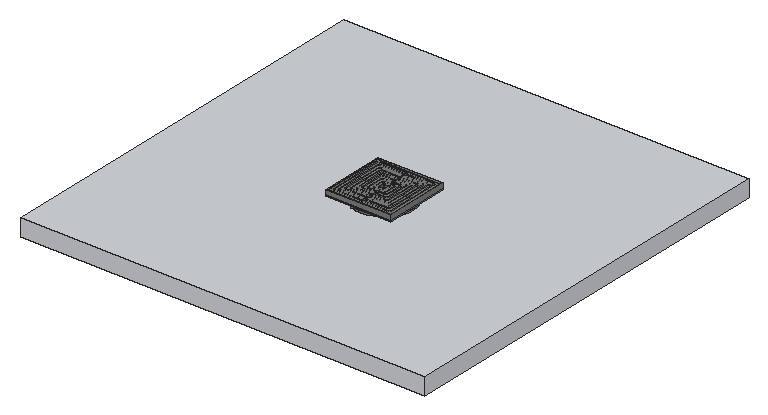
Revit family
Parameters (values of type "8"")
  Strainer Adjustment = 2.250"
  Roof Drain Material = Roof Drain
  Nominal Radius = 4.000"
  Nominal Diameter = Nominal Radius * 2  # 8.000"
  Model = "R1200-P"
  Manufacturer = "MIFAB"
  Keynote = "WWW.MIFAB.COM"
  Description = "ROOF DRAIN"
  Default Elevation = 48.000"
  Body Height = 5.875"
Types (7): name | Nominal Radius | Nominal Diameter | Body Height
  (no name) | 4.000" | 8.000" | 5.875"
  2" | 1.000" | 2.000" | 5.437"
  3" | 1.500" | 3.000" | 5.437"
  4" | 2.000" | 4.000" | 5.437"
  5" | 2.500" | 5.000" | 5.437"
  6" | 3.000" | 6.000" | 5.875"
  8" | 4.000" | 8.000" | 5.875"
Reference planes (in)
  plane 1 "Center (Front/Back)": y = 0
  plane 2: z = 0
  plane 3 "Center (Left/Right)": x = 0
  plane 4: x = -7.75
  plane 5: x = 7.75
  plane 6: y = -7.75
  plane 7: y = 7.75
  plane 8: z = -5.875
  plane 9: x = -4
  plane 10: x = 4
  plane 11: z = 0.34444
  plane 12: z = 0.55111
  plane 13: z = 0.7873
  plane 14: z = 0.29524
  plane 15: z = 2.54524
  plane 16: z = 1.3646
  plane 17: y = 7.504
  plane 18: y = -7.504
  plane 19: x = 7.504
  plane 20: x = -7.504
Forms (in)
  Extrusion 1, solid
    sketch origin (0, 0, 0) x (1, 0, 0) y (0, 1, 0)
      loop
        line (-48, 48) -> (-48, -48) -> (48, -48) -> (48, 48) -> (-48, 48)
    from 0 to -4
  Revolve 2, solid, material "Roof Drain" <- "Roof Drain Material"
    sketch origin (0, 0, 0) x (1, 0, 0) y (0, 0, 1)
      loop
        line (-4.14875, -4.38897) -> (-4.27086, 0) -> (-6.5746, 0) -> (-6.5746, -0.25587) -> (-5, -0.25587) -> (-4.98089, -0.88571) -> (-4.39161, -0.88571) -> (-4.28861, -4.64484) -> (-4.19683, -4.64484) -> (-4.19683, -5.875) -> (-4, -5.875) -> (-4, -4.38897) -> (-4.14875, -4.38897)
      axis (0, 0) -> (0, -5.875)
    angle from 0 to 360
  Revolve 3, solid, material "Roof Drain" <- "Roof Drain Material"
    sketch origin (0, 0, 0) x (1, 0, 0) y (0, 0, 1)
      loop
        line (-7.01746, 0.34444) -> (-7.01746, 0) -> (-4.62048, 0) -> (-4.62048, 0.34444) -> (-6.45651, 0.34444) -> (-6.45651, 0.55111) -> (-6.01365, 0.55111) -> (-6.01365, 0.7873) -> (-6.77143, 0.7873) -> (-6.77143, 0.34444) -> (-7.01746, 0.34444)
      axis (0, 0.7873) -> (0, 0)
    angle from 0 to 360
  Revolve 4, solid, material "Roof Drain" <- "Roof Drain Material"
    sketch origin (0, 0, 0) x (1, 0, 0) y (0, 0, 1)
      loop
        line (-3.62222, -3.14921) -> (-3.62222, 0.43869) -> (-4.40952, 0.43869) -> (-4.40952, 0.8005) -> (-6.91396, 1.3646) -> (-7.75, 1.3646) -> (-7.75, 1.16778) -> (-7.11032, 1.16778) -> (-4.77857, 0.65706) -> (-4.77857, 0.29524) -> (-4.06508, 0.29524) -> (-4.06508, -3.14921) -> (-3.62222, -3.14921)
      axis (0, 1.3646) -> (0, -3.14921)
    angle from 0 to 360
  Extrusion 5, solid, material "Roof Drain" <- "Roof Drain Material"
    sketch origin (-7.50397, -180, 1.3646) x (-1, 0, 0) y (0, -1, 0)
      loop
        line (0.24603, -187.75) -> (0.24603, -180)
        arc (0.24603, -180) -> (-2.02389, -185.48008) -> (-7.50397, -187.75) r 7.75
        line (-7.50397, -187.75) -> (0.24603, -187.75)
      loop
        line (-7.50397, -172.25) -> (-15.25397, -172.25) -> (-15.25397, -180)
        arc (-15.25397, -180) -> (-12.98405, -174.51992) -> (-7.50397, -172.25) r 7.75
    from 0 to -0.197
  Extrusion 6, solid, material "Roof Drain" <- "Roof Drain Material"
    sketch origin (-7.50397, -180, 1.3646) x (-1, 0, 0) y (0, -1, 0)
      loop
        line (0.24603, -180) -> (0.24603, -172.25) -> (-7.50397, -172.25)
        arc (-7.50397, -172.25) -> (-2.02389, -174.51992) -> (0.24603, -180) r 7.75
      loop
        arc (-7.50397, -187.75) -> (-12.98405, -185.48008) -> (-15.25397, -180) r 7.75
        line (-15.25397, -180) -> (-15.25397, -187.75) -> (-7.50397, -187.75)
    from 0 to -0.197
  Extrusion 7, solid, material "Roof Drain" <- "Roof Drain Material"
    sketch origin (0, 0, 0) x (1, 0, 0) y (0, 1, 0)
      loop
        line (-7.75, 7.75) -> (-7.75, -7.75) -> (7.75, -7.75) -> (7.75, 7.75) -> (-7.75, 7.75)
      loop
        line (-7.504, 7.504) -> (-7.504, -7.504) -> (7.504, -7.504) -> (7.504, 7.504) -> (-7.504, 7.504)
    from 1.3646 to 2.54524
  Extrusion 8, solid, material "Roof Drain" <- "Roof Drain Material"
    sketch origin (0, 0, 0) x (1, 0, 0) y (0, 1, 0)
      loop
        line (-7.504, 7.504) -> (-7.504, -7.504) -> (7.504, -7.504) -> (7.504, 7.504) -> (-7.504, 7.504)
      loop
        line (7.209, 7.209) -> (-7.209, 7.209) -> (-7.209, -7.209) -> (7.209, -7.209) -> (7.209, 7.209)
    from 1.3646 to 1.85667
Cuts and joins
  joined: Revolve 4, Extrusion 5, Extrusion 6
Lines and regions (in)
  symbolic lines
    curve 1: line (-7.75, 7.75, 0) -> (7.75, 7.75, 0)
    curve 2: line (-7.75, 7.75, 0) -> (-7.75, -7.75, 0)
    curve 3: line (-7.504, 7.504, 0) -> (-7.504, -7.504, 0)
    curve 4: line (-7.504, 7.504, 0) -> (7.504, 7.504, 0)
    curve 5: line (-7.75, -7.75, 0) -> (7.75, -7.75, 0)
    curve 6: line (-7.504, -7.504, 0) -> (7.504, -7.504, 0)
    curve 7: line (7.75, 7.75, 0) -> (7.75, -7.75, 0)
    curve 8: line (7.504, 7.504, 0) -> (7.504, -7.504, 0)
Dimensions and locks (in)
  plane 4 to plane 3 "Center (Left/Right)" to plane 5 = 7.750" locked, 7.750" locked
  plane 6 to plane 1 "Center (Front/Back)" to plane 7 = 7.750" locked, 7.750" locked
  equal spacing: plane 9, plane 3 "Center (Left/Right)", plane 10
  "Nominal Diameter": plane 9 to plane 10
  Revolve 2 sketch curve to Revolve 2 sketch curve to plane 8 = 0.25587" locked, 1.23016" locked
  plane 3 "Center (Left/Right)" to Revolve 2 sketch curve to Revolve 2 sketch curve to Revolve 2 sketch curve to Revolve 2 sketch curve to Revolve 2 sketch curve to Revolve 2 sketch curve to Revolve 2 sketch curve = 4.14875" locked, 0.12211" locked, 0.01775" locked, 0.103" locked, 0.58928" locked, 0.01911" locked, 1.5746" locked
  locked: plane 9 to Revolve 2 sketch curve at 0.19683
  plane 13 to plane 12 to plane 11 to level = 0.23619" locked, 0.20667" locked, 0.34444" locked
  plane 3 "Center (Left/Right)" to Revolve 3 sketch curve to Revolve 3 sketch curve to Revolve 3 sketch curve to Revolve 3 sketch curve to Revolve 3 sketch curve = 4.62048" locked, 1.39317" locked, 0.44286" locked, 0.31492" locked, 0.24603" locked
  locked: level to Revolve 4 sketch curve at 3.14921
  locked: plane 16 to Revolve 4 sketch curve at 0.19683
  plane 3 "Center (Left/Right)" to Revolve 4 sketch curve to Revolve 4 sketch curve to Revolve 4 sketch curve to Revolve 4 sketch curve = 3.62222" locked, 0.44286" locked, 0.34444" locked, 0.36905" locked
  Revolve 4 sketch curve to Revolve 4 sketch curve to plane 4 = 0.19635" locked, 0.63968" locked
  "Strainer Adjustment": plane 15 to plane 14
  locked: plane 15 to plane 16 at 1.18063
  locked: plane 14 to level at 0.29524
  locked: plane 7 to plane 17 at 0.246
  locked: plane 18 to plane 6 at 0.246
  locked: plane 4 to plane 20 at 0.246
  locked: plane 19 to plane 5 at 0.246
  locked: plane 15 to nested 1 at 0.68857
  locked: plane 17 to Extrusion 8 sketch curve at 0.295
  locked: plane 18 to Extrusion 8 sketch curve at 0.295
  locked: plane 20 to Extrusion 8 sketch curve at 0.295
  locked: Extrusion 8 sketch curve to plane 19 at 0.295
  "Body Height": level to plane 8
  aligned and locked: plane 2 to Extrusion 1
  aligned and locked: level to Extrusion 1
  aligned and locked: Revolve 2 sketch curve to level
  aligned and locked: plane 9 to Revolve 2 sketch curve
  aligned and locked: Revolve 2 sketch curve to plane 8
  aligned and locked: Revolve 2 sketch curve to plane 3 "Center (Left/Right)"
  aligned and locked: level to Revolve 3 sketch curve
  aligned and locked: Revolve 3 sketch curve to plane 11  (x2)
  aligned and locked: plane 12 to Revolve 3 sketch curve
  aligned and locked: Revolve 3 sketch curve to plane 13
  aligned and locked: Revolve 3 sketch curve to plane 3 "Center (Left/Right)"
  aligned and locked: Revolve 4 sketch curve to plane 14
  aligned and locked: Revolve 4 sketch curve to plane 3 "Center (Left/Right)"
  aligned and locked: plane 7 to Extrusion 5 sketch curve
  aligned and locked: Extrusion 5 sketch curve to plane 4
  aligned and locked: Extrusion 5 sketch curve to Revolve 4  (x2)
  aligned and locked: Extrusion 5 sketch curve to plane 6
  aligned: plane 16 to Extrusion 5
  aligned and locked: Extrusion 6 sketch curve to Revolve 4  (x2)
  aligned and locked: Extrusion 6 sketch curve to plane 6
  aligned and locked: plane 7 to Extrusion 6 sketch curve
  aligned and locked: plane 5 to Extrusion 6 sketch curve
  aligned and locked: plane 7 to Extrusion 7 sketch curve
  aligned and locked: Extrusion 7 sketch curve to plane 4
  aligned and locked: plane 20 to Extrusion 7 sketch curve
  aligned and locked: Extrusion 7 sketch curve to plane 17
  aligned and locked: Extrusion 7 sketch curve to plane 19
  aligned and locked: plane 5 to Extrusion 7 sketch curve
  aligned and locked: plane 18 to Extrusion 7 sketch curve
  aligned and locked: Extrusion 7 sketch curve to plane 6
  aligned and locked: Extrusion 7 to plane 16
  aligned and locked: plane 15 to Extrusion 7
  aligned and locked: plane 3 "Center (Left/Right)" to nested 1
  aligned and locked: plane 1 "Center (Front/Back)" to nested 1
  aligned and locked: plane 20 to Extrusion 8 sketch curve
  aligned and locked: Extrusion 8 sketch curve to plane 17
  aligned and locked: Extrusion 8 sketch curve to plane 19
  aligned and locked: plane 18 to Extrusion 8 sketch curve
  aligned and locked: Extrusion 8 to plane 16
  aligned and locked: Extrusion 8 to nested 1
  aligned and locked: plane 7 to curve 1
  aligned and locked: curve 2 to plane 4
  aligned and locked: plane 20 to curve 3
  aligned and locked: curve 4 to plane 17
  aligned and locked: curve 5 to plane 6
  aligned and locked: plane 18 to curve 6
  aligned and locked: plane 5 to curve 7
  aligned and locked: curve 8 to plane 19
Automatic sketch dimensions
  Extrusion 1 sketch curve to Extrusion 1 sketch curve = 96.000"  (x2)
  Revolve 2 sketch curve to level = 0.25587"
  Revolve 2 sketch curve to Revolve 2 sketch curve = 0.62984"
  Revolve 2 sketch curve to plane 8 = 18.48889"
  level to Revolve 2 sketch curve = 102.71882"
  Revolve 3 sketch curve to plane 8 = 18.48889"
  plane 13 to Revolve 3 sketch curve = 101.93152"
  Revolve 4 sketch curve to plane 4 = 0.000"
  Revolve 4 sketch curve to plane 16 = 0.000"
  plane 12 to Revolve 4 sketch curve = 0.10595"
  plane 11 to Revolve 4 sketch curve = 0.09424"
  plane 13 to Revolve 4 sketch curve = 0.0132"
  Revolve 4 sketch curve to plane 8 = 18.48889"
  plane 15 to Revolve 4 sketch curve = 99.96327"
  Extrusion 5 sketch curve to plane 3 "Center (Left/Right)" = 0.000"
  plane 1 "Center (Front/Back)" to Extrusion 5 sketch curve = 0.000"
  Extrusion 6 sketch curve to plane 3 "Center (Left/Right)" = 0.000"  (x2)
  Extrusion 6 sketch curve to plane 4 = 0.000"
  plane 1 "Center (Front/Back)" to Extrusion 6 sketch curve = 0.000"  (x2)
Nested families (in)
  nested 1: "Family4" at (0, 0, 1.85667), type "Family4"
Connectors (in)
  piping at (0, 0, -5.875), driven by "Nominal Radius"
    settings: on Revolve 2, index 1, connector radius 4", flow factor 0, pipe flow 0 GPM, pressure drop 0.00 psi, fitting loss kfactor 0, connector angle 0.00°, fixture units 0, flow configuration 0, flow direction 2, fitting loss method 0, system type 16, connector reference index -1, connector utility 0, adjustable connector no, is connector primary yes, fitting loss table "", connector description ""
Definition of nested family "Family4"
  Parameters (values of type "Family4")
    Thickness = 0.640"
    Material = none
    Assembly Code = ""
  Reference planes (in)
    plane 1 "Center (Front/Back)": y = 0
    plane 2: z = 0
    plane 3 "Center (Left/Right)": x = 0
    plane 4: y = 7.50391
    plane 5: y = -7.50391
    plane 6: x = 7.50391
    plane 7: x = -7.50391
  Forms (in)
    Extrusion 1, solid, material <- "Material"
      sketch origin (0, 0, 0) x (1, 0, 0) y (0, 1, 0)
        loop
          line (-7.50391, 7.50391) -> (-7.50391, -7.50391) -> (7.50391, -7.50391) -> (7.50391, 7.50391) -> (-7.50391, 7.50391)
        loop
          line (-0.875, -0.25) -> (-0.875, -0.57322) -> (-0.625, -0.57322) -> (-0.625, -0.875) -> (-0.30178, -0.875) -> (-0.30178, -0.625) -> (0.30178, -0.625) -> (0.30178, -0.875) -> (0.625, -0.875) -> (0.625, -0.57322) -> (0.875, -0.57322) -> (0.875, -0.25) -> (0.625, -0.25) -> (0.625, 0.25) -> (0.875, 0.25) -> (0.875, 0.57322) -> (0.625, 0.57322) -> (0.625, 0.875) -> (0.30178, 0.875) -> (0.30178, 0.625) -> (-0.30178, 0.625) -> (-0.30178, 0.875) -> (-0.625, 0.875) -> (-0.625, 0.57322) -> (-0.875, 0.57322) -> (-0.875, 0.25) -> (-0.625, 0.25) -> (-0.625, -0.25) -> (-0.875, -0.25)
        loop
          line (-2.125, -0.125) -> (-2.375, -0.125) -> (-2.375, -1.94822) -> (-2.125, -1.94822) -> (-2.125, -0.125)
        loop
          line (-2.875, -0.125) -> (-3.125, -0.125) -> (-3.125, -2.69822) -> (-2.875, -2.69822) -> (-2.875, -0.125)
        loop
          line (-3.625, -0.125) -> (-3.875, -0.125) -> (-3.875, -3.44822) -> (-3.625, -3.44822) -> (-3.625, -0.125)
        loop
          line (-4.375, -0.125) -> (-4.625, -0.125) -> (-4.625, -4.19822) -> (-4.375, -4.19822) -> (-4.375, -0.125)
        loop
          line (-5.125, -0.125) -> (-5.375, -0.125) -> (-5.375, -4.94822) -> (-5.125, -4.94822) -> (-5.125, -0.125)
        loop
          line (-5.875, -0.125) -> (-6.125, -0.125) -> (-6.125, -5.69822) -> (-5.875, -5.69822) -> (-5.875, -0.125)
        loop
          line (-6.625, -0.125) -> (-6.875, -0.125) -> (-6.875, -6.44822) -> (-6.625, -6.44822) -> (-6.625, -0.125)
        loop
          line (-1.375, -1.19822) -> (-1.375, 1.19822) -> (-1.625, 1.19822) -> (-1.625, -1.19822) -> (-1.375, -1.19822)
        loop
          line (1.19822, -1.375) -> (-1.19822, -1.375) -> (-1.19822, -1.625) -> (1.19822, -1.625) -> (1.19822, -1.375)
        loop
          line (-0.125, -2.125) -> (-1.94822, -2.125) -> (-1.94822, -2.375) -> (-0.125, -2.375) -> (-0.125, -2.125)
        loop
          line (-0.125, -2.875) -> (-2.69822, -2.875) -> (-2.69822, -3.125) -> (-0.125, -3.125) -> (-0.125, -2.875)
        loop
          line (-0.125, -3.625) -> (-3.44822, -3.625) -> (-3.44822, -3.875) -> (-0.125, -3.875) -> (-0.125, -3.625)
        loop
          line (-0.125, -4.375) -> (-4.19822, -4.375) -> (-4.19822, -4.625) -> (-0.125, -4.625) -> (-0.125, -4.375)
        loop
          line (-0.125, -5.125) -> (-4.94822, -5.125) -> (-4.94822, -5.375) -> (-0.125, -5.375) -> (-0.125, -5.125)
        loop
          line (-0.125, -5.875) -> (-5.69822, -5.875) -> (-5.69822, -6.125) -> (-0.125, -6.125) -> (-0.125, -5.875)
        loop
          line (-0.125, -6.625) -> (-6.44822, -6.625) -> (-6.44822, -6.875) -> (-0.125, -6.875) -> (-0.125, -6.625)
        loop
          line (2.125, -0.125) -> (2.125, -1.94822) -> (2.375, -1.94822) -> (2.375, -0.125) -> (2.125, -0.125)
        loop
          line (2.875, -0.125) -> (2.875, -2.69822) -> (3.125, -2.69822) -> (3.125, -0.125) -> (2.875, -0.125)
        loop
          line (3.625, -0.125) -> (3.625, -3.44822) -> (3.875, -3.44822) -> (3.875, -0.125) -> (3.625, -0.125)
        loop
          line (4.375, -0.125) -> (4.375, -4.19822) -> (4.625, -4.19822) -> (4.625, -0.125) -> (4.375, -0.125)
        loop
          line (5.125, -0.125) -> (5.125, -4.94822) -> (5.375, -4.94822) -> (5.375, -0.125) -> (5.125, -0.125)
        loop
          line (5.875, -0.125) -> (5.875, -5.69822) -> (6.125, -5.69822) -> (6.125, -0.125) -> (5.875, -0.125)
        loop
          line (6.625, -0.125) -> (6.625, -6.44822) -> (6.875, -6.44822) -> (6.875, -0.125) -> (6.625, -0.125)
        loop
          line (1.375, -1.19822) -> (1.625, -1.19822) -> (1.625, 1.19822) -> (1.375, 1.19822) -> (1.375, -1.19822)
        loop
          line (0.125, -2.125) -> (0.125, -2.375) -> (1.94822, -2.375) -> (1.94822, -2.125) -> (0.125, -2.125)
        loop
          line (0.125, -2.875) -> (0.125, -3.125) -> (2.69822, -3.125) -> (2.69822, -2.875) -> (0.125, -2.875)
        loop
          line (0.125, -3.625) -> (0.125, -3.875) -> (3.44822, -3.875) -> (3.44822, -3.625) -> (0.125, -3.625)
        loop
          line (0.125, -4.375) -> (0.125, -4.625) -> (4.19822, -4.625) -> (4.19822, -4.375) -> (0.125, -4.375)
        loop
          line (0.125, -5.125) -> (0.125, -5.375) -> (4.94822, -5.375) -> (4.94822, -5.125) -> (0.125, -5.125)
        loop
          line (0.125, -5.875) -> (0.125, -6.125) -> (5.69822, -6.125) -> (5.69822, -5.875) -> (0.125, -5.875)
        loop
          line (0.125, -6.625) -> (0.125, -6.875) -> (6.44822, -6.875) -> (6.44822, -6.625) -> (0.125, -6.625)
        loop
          line (-2.125, 0.125) -> (-2.125, 1.94822) -> (-2.375, 1.94822) -> (-2.375, 0.125) -> (-2.125, 0.125)
        loop
          line (-2.875, 0.125) -> (-2.875, 2.69822) -> (-3.125, 2.69822) -> (-3.125, 0.125) -> (-2.875, 0.125)
        loop
          line (-3.625, 0.125) -> (-3.625, 3.44822) -> (-3.875, 3.44822) -> (-3.875, 0.125) -> (-3.625, 0.125)
        loop
          line (-4.375, 0.125) -> (-4.375, 4.19822) -> (-4.625, 4.19822) -> (-4.625, 0.125) -> (-4.375, 0.125)
        loop
          line (-5.125, 0.125) -> (-5.125, 4.94822) -> (-5.375, 4.94822) -> (-5.375, 0.125) -> (-5.125, 0.125)
        loop
          line (-5.875, 0.125) -> (-5.875, 5.69822) -> (-6.125, 5.69822) -> (-6.125, 0.125) -> (-5.875, 0.125)
        loop
          line (-6.625, 0.125) -> (-6.625, 6.44822) -> (-6.875, 6.44822) -> (-6.875, 0.125) -> (-6.625, 0.125)
        loop
          line (1.19822, 1.375) -> (1.19822, 1.625) -> (-1.19822, 1.625) -> (-1.19822, 1.375) -> (1.19822, 1.375)
        loop
          line (-0.125, 2.125) -> (-0.125, 2.375) -> (-1.94822, 2.375) -> (-1.94822, 2.125) -> (-0.125, 2.125)
        loop
          line (-0.125, 2.875) -> (-0.125, 3.125) -> (-2.69822, 3.125) -> (-2.69822, 2.875) -> (-0.125, 2.875)
        loop
          line (-0.125, 3.625) -> (-0.125, 3.875) -> (-3.44822, 3.875) -> (-3.44822, 3.625) -> (-0.125, 3.625)
        loop
          line (-0.125, 4.375) -> (-0.125, 4.625) -> (-4.19822, 4.625) -> (-4.19822, 4.375) -> (-0.125, 4.375)
        loop
          line (-0.125, 5.125) -> (-0.125, 5.375) -> (-4.94822, 5.375) -> (-4.94822, 5.125) -> (-0.125, 5.125)
        loop
          line (-0.125, 5.875) -> (-0.125, 6.125) -> (-5.69822, 6.125) -> (-5.69822, 5.875) -> (-0.125, 5.875)
        loop
          line (-0.125, 6.625) -> (-0.125, 6.875) -> (-6.44822, 6.875) -> (-6.44822, 6.625) -> (-0.125, 6.625)
        loop
          line (2.125, 0.125) -> (2.375, 0.125) -> (2.375, 1.94822) -> (2.125, 1.94822) -> (2.125, 0.125)
        loop
          line (2.875, 0.125) -> (3.125, 0.125) -> (3.125, 2.69822) -> (2.875, 2.69822) -> (2.875, 0.125)
        loop
          line (3.625, 0.125) -> (3.875, 0.125) -> (3.875, 3.44822) -> (3.625, 3.44822) -> (3.625, 0.125)
        loop
          line (4.375, 0.125) -> (4.625, 0.125) -> (4.625, 4.19822) -> (4.375, 4.19822) -> (4.375, 0.125)
        loop
          line (5.125, 0.125) -> (5.375, 0.125) -> (5.375, 4.94822) -> (5.125, 4.94822) -> (5.125, 0.125)
        loop
          line (5.875, 0.125) -> (6.125, 0.125) -> (6.125, 5.69822) -> (5.875, 5.69822) -> (5.875, 0.125)
        loop
          line (6.625, 0.125) -> (6.875, 0.125) -> (6.875, 6.44822) -> (6.625, 6.44822) -> (6.625, 0.125)
        loop
          line (0.125, 2.125) -> (1.94822, 2.125) -> (1.94822, 2.375) -> (0.125, 2.375) -> (0.125, 2.125)
        loop
          line (0.125, 2.875) -> (2.69822, 2.875) -> (2.69822, 3.125) -> (0.125, 3.125) -> (0.125, 2.875)
        loop
          line (0.125, 3.625) -> (3.44822, 3.625) -> (3.44822, 3.875) -> (0.125, 3.875) -> (0.125, 3.625)
        loop
          line (0.125, 4.375) -> (4.19822, 4.375) -> (4.19822, 4.625) -> (0.125, 4.625) -> (0.125, 4.375)
        loop
          line (0.125, 5.125) -> (4.94822, 5.125) -> (4.94822, 5.375) -> (0.125, 5.375) -> (0.125, 5.125)
        loop
          line (0.125, 5.875) -> (5.69822, 5.875) -> (5.69822, 6.125) -> (0.125, 6.125) -> (0.125, 5.875)
        loop
          line (0.125, 6.625) -> (6.44822, 6.625) -> (6.44822, 6.875) -> (0.125, 6.875) -> (0.125, 6.625)
      from 0 to 0.64 <- "Thickness"
  Lines and regions (in)
    symbolic lines
      curve 1: line (-0.30178, 0.625, 0) -> (0.30178, 0.625, 0)
      curve 2: line (0.30178, 0.625, 0) -> (0.30178, 0.875, 0)
      curve 3: line (0.30178, 0.875, 0) -> (0.625, 0.875, 0)
      curve 4: line (0.625, 0.875, 0) -> (0.625, 0.57322, 0)
      curve 5: line (0.625, 0.57322, 0) -> (0.875, 0.57322, 0)
      curve 6: line (0.875, 0.57322, 0) -> (0.875, 0.25, 0)
      curve 7: line (0.875, 0.25, 0) -> (0.625, 0.25, 0)
      curve 8: line (0.625, 0.25, 0) -> (0.625, -0.25, 0)
      curve 9: line (0.625, -0.25, 0) -> (0.875, -0.25, 0)
      curve 10: line (0.875, -0.25, 0) -> (0.875, -0.57322, 0)
      curve 11: line (0.875, -0.57322, 0) -> (0.625, -0.57322, 0)
      curve 12: line (0.625, -0.57322, 0) -> (0.625, -0.875, 0)
      curve 13: line (0.625, -0.875, 0) -> (0.30178, -0.875, 0)
      curve 14: line (0.30178, -0.875, 0) -> (0.30178, -0.625, 0)
      curve 15: line (0.30178, -0.625, 0) -> (-0.30178, -0.625, 0)
      curve 16: line (-0.30178, -0.625, 0) -> (-0.30178, -0.875, 0)
      curve 17: line (-0.30178, -0.875, 0) -> (-0.625, -0.875, 0)
      curve 18: line (-0.625, -0.875, 0) -> (-0.625, -0.57322, 0)
      curve 19: line (-0.625, -0.57322, 0) -> (-0.875, -0.57322, 0)
      curve 20: line (-0.875, -0.57322, 0) -> (-0.875, -0.25, 0)
      curve 21: line (-0.875, -0.25, 0) -> (-0.625, -0.25, 0)
      curve 22: line (-0.625, -0.25, 0) -> (-0.625, 0.25, 0)
      curve 23: line (-0.625, 0.25, 0) -> (-0.875, 0.25, 0)
      curve 24: line (-0.875, 0.25, 0) -> (-0.875, 0.57322, 0)
      curve 25: line (-0.875, 0.57322, 0) -> (-0.625, 0.57322, 0)
      curve 26: line (-0.625, 0.57322, 0) -> (-0.625, 0.875, 0)
      curve 27: line (-0.625, 0.875, 0) -> (-0.30178, 0.875, 0)
      curve 28: line (-0.30178, 0.875, 0) -> (-0.30178, 0.625, 0)
      curve 29: line (1.19822, 1.375, 0) -> (-1.19822, 1.375, 0)
      curve 30: line (-1.19822, 1.375, 0) -> (-1.19822, 1.625, 0)
      curve 31: line (-1.19822, 1.625, 0) -> (1.19822, 1.625, 0)
      curve 32: line (1.19822, 1.625, 0) -> (1.19822, 1.375, 0)
      curve 33: line (1.94822, 2.125, 0) -> (0.125, 2.125, 0)
      curve 34: line (0.125, 2.125, 0) -> (0.125, 2.375, 0)
      curve 35: line (0.125, 2.375, 0) -> (1.94822, 2.375, 0)
      curve 36: line (1.94822, 2.375, 0) -> (1.94822, 2.125, 0)
      curve 37: line (0.125, 3.125, 0) -> (2.69822, 3.125, 0)
      curve 38: line (0.125, 2.875, 0) -> (0.125, 3.125, 0)
      curve 39: line (2.69822, 2.875, 0) -> (0.125, 2.875, 0)
      curve 40: line (2.69822, 3.125, 0) -> (2.69822, 2.875, 0)
      curve 41: line (3.44822, 3.625, 0) -> (0.125, 3.625, 0)
      curve 42: line (3.44822, 3.875, 0) -> (3.44822, 3.625, 0)
      curve 43: line (0.125, 3.875, 0) -> (3.44822, 3.875, 0)
      curve 44: line (0.125, 3.625, 0) -> (0.125, 3.875, 0)
      curve 45: line (0.125, 4.625, 0) -> (4.19822, 4.625, 0)
      curve 46: line (0.125, 4.375, 0) -> (0.125, 4.625, 0)
      curve 47: line (4.19822, 4.375, 0) -> (0.125, 4.375, 0)
      curve 48: line (4.19822, 4.625, 0) -> (4.19822, 4.375, 0)
      curve 49: line (0.125, 5.375, 0) -> (4.94822, 5.375, 0)
      curve 50: line (0.125, 5.125, 0) -> (0.125, 5.375, 0)
      curve 51: line (4.94822, 5.125, 0) -> (0.125, 5.125, 0)
      curve 52: line (4.94822, 5.375, 0) -> (4.94822, 5.125, 0)
      curve 53: line (5.69822, 5.875, 0) -> (0.125, 5.875, 0)
      curve 54: line (5.69822, 6.125, 0) -> (5.69822, 5.875, 0)
      curve 55: line (0.125, 6.125, 0) -> (5.69822, 6.125, 0)
      curve 56: line (0.125, 5.875, 0) -> (0.125, 6.125, 0)
      curve 57: line (0.125, 6.875, 0) -> (6.44822, 6.875, 0)
      curve 58: line (0.125, 6.625, 0) -> (0.125, 6.875, 0)
      curve 59: line (6.44822, 6.625, 0) -> (0.125, 6.625, 0)
      curve 60: line (6.44822, 6.875, 0) -> (6.44822, 6.625, 0)
      curve 61: line (1.375, 1.19822, 0) -> (1.375, -1.19822, 0)
      curve 62: line (1.375, -1.19822, 0) -> (1.625, -1.19822, 0)
      curve 63: line (1.625, -1.19822, 0) -> (1.625, 1.19822, 0)
      curve 64: line (1.625, 1.19822, 0) -> (1.375, 1.19822, 0)
      curve 65: line (2.125, 1.94822, 0) -> (2.125, 0.125, 0)
      curve 66: line (2.125, 0.125, 0) -> (2.375, 0.125, 0)
      curve 67: line (2.375, 0.125, 0) -> (2.375, 1.94822, 0)
      curve 68: line (2.375, 1.94822, 0) -> (2.125, 1.94822, 0)
      curve 69: line (3.125, 0.125, 0) -> (3.125, 2.69822, 0)
      curve 70: line (2.875, 0.125, 0) -> (3.125, 0.125, 0)
      curve 71: line (2.875, 2.69822, 0) -> (2.875, 0.125, 0)
      curve 72: line (3.125, 2.69822, 0) -> (2.875, 2.69822, 0)
      curve 73: line (3.625, 3.44822, 0) -> (3.625, 0.125, 0)
      curve 74: line (3.875, 3.44822, 0) -> (3.625, 3.44822, 0)
      curve 75: line (3.875, 0.125, 0) -> (3.875, 3.44822, 0)
      curve 76: line (3.625, 0.125, 0) -> (3.875, 0.125, 0)
      curve 77: line (4.625, 0.125, 0) -> (4.625, 4.19822, 0)
      curve 78: line (4.375, 0.125, 0) -> (4.625, 0.125, 0)
      curve 79: line (4.375, 4.19822, 0) -> (4.375, 0.125, 0)
      curve 80: line (4.625, 4.19822, 0) -> (4.375, 4.19822, 0)
      curve 81: line (5.375, 0.125, 0) -> (5.375, 4.94822, 0)
      curve 82: line (5.125, 0.125, 0) -> (5.375, 0.125, 0)
      curve 83: line (5.125, 4.94822, 0) -> (5.125, 0.125, 0)
      curve 84: line (5.375, 4.94822, 0) -> (5.125, 4.94822, 0)
      curve 85: line (5.875, 5.69822, 0) -> (5.875, 0.125, 0)
      curve 86: line (6.125, 5.69822, 0) -> (5.875, 5.69822, 0)
      curve 87: line (6.125, 0.125, 0) -> (6.125, 5.69822, 0)
      curve 88: line (5.875, 0.125, 0) -> (6.125, 0.125, 0)
      curve 89: line (6.875, 0.125, 0) -> (6.875, 6.44822, 0)
      curve 90: line (6.625, 0.125, 0) -> (6.875, 0.125, 0)
      curve 91: line (6.625, 6.44822, 0) -> (6.625, 0.125, 0)
      curve 92: line (6.875, 6.44822, 0) -> (6.625, 6.44822, 0)
      curve 93: line (1.94822, -2.125, 0) -> (0.125, -2.125, 0)
      curve 94: line (0.125, -2.125, 0) -> (0.125, -2.375, 0)
      curve 95: line (0.125, -2.375, 0) -> (1.94822, -2.375, 0)
      curve 96: line (1.94822, -2.375, 0) -> (1.94822, -2.125, 0)
      curve 97: line (0.125, -3.125, 0) -> (2.69822, -3.125, 0)
      curve 98: line (0.125, -2.875, 0) -> (0.125, -3.125, 0)
      curve 99: line (2.69822, -2.875, 0) -> (0.125, -2.875, 0)
      curve 100: line (2.69822, -3.125, 0) -> (2.69822, -2.875, 0)
      curve 101: line (3.44822, -3.625, 0) -> (0.125, -3.625, 0)
      curve 102: line (3.44822, -3.875, 0) -> (3.44822, -3.625, 0)
      curve 103: line (0.125, -3.875, 0) -> (3.44822, -3.875, 0)
      curve 104: line (0.125, -3.625, 0) -> (0.125, -3.875, 0)
      curve 105: line (0.125, -4.625, 0) -> (4.19822, -4.625, 0)
      curve 106: line (0.125, -4.375, 0) -> (0.125, -4.625, 0)
      curve 107: line (4.19822, -4.375, 0) -> (0.125, -4.375, 0)
      curve 108: line (4.19822, -4.625, 0) -> (4.19822, -4.375, 0)
      curve 109: line (0.125, -5.375, 0) -> (4.94822, -5.375, 0)
      curve 110: line (0.125, -5.125, 0) -> (0.125, -5.375, 0)
      curve 111: line (4.94822, -5.125, 0) -> (0.125, -5.125, 0)
      curve 112: line (4.94822, -5.375, 0) -> (4.94822, -5.125, 0)
      curve 113: line (5.69822, -5.875, 0) -> (0.125, -5.875, 0)
      curve 114: line (5.69822, -6.125, 0) -> (5.69822, -5.875, 0)
      curve 115: line (0.125, -6.125, 0) -> (5.69822, -6.125, 0)
      curve 116: line (0.125, -5.875, 0) -> (0.125, -6.125, 0)
      curve 117: line (0.125, -6.875, 0) -> (6.44822, -6.875, 0)
      curve 118: line (0.125, -6.625, 0) -> (0.125, -6.875, 0)
      curve 119: line (6.44822, -6.625, 0) -> (0.125, -6.625, 0)
      curve 120: line (6.44822, -6.875, 0) -> (6.44822, -6.625, 0)
      curve 121: line (2.125, -1.94822, 0) -> (2.125, -0.125, 0)
      curve 122: line (2.125, -0.125, 0) -> (2.375, -0.125, 0)
      curve 123: line (2.375, -0.125, 0) -> (2.375, -1.94822, 0)
      curve 124: line (2.375, -1.94822, 0) -> (2.125, -1.94822, 0)
      curve 125: line (3.125, -0.125, 0) -> (3.125, -2.69822, 0)
      curve 126: line (2.875, -0.125, 0) -> (3.125, -0.125, 0)
      curve 127: line (2.875, -2.69822, 0) -> (2.875, -0.125, 0)
      curve 128: line (3.125, -2.69822, 0) -> (2.875, -2.69822, 0)
      curve 129: line (3.625, -3.44822, 0) -> (3.625, -0.125, 0)
      curve 130: line (3.875, -3.44822, 0) -> (3.625, -3.44822, 0)
      curve 131: line (3.875, -0.125, 0) -> (3.875, -3.44822, 0)
      curve 132: line (3.625, -0.125, 0) -> (3.875, -0.125, 0)
      curve 133: line (4.625, -0.125, 0) -> (4.625, -4.19822, 0)
      curve 134: line (4.375, -0.125, 0) -> (4.625, -0.125, 0)
      curve 135: line (4.375, -4.19822, 0) -> (4.375, -0.125, 0)
      curve 136: line (4.625, -4.19822, 0) -> (4.375, -4.19822, 0)
      curve 137: line (5.375, -0.125, 0) -> (5.375, -4.94822, 0)
      curve 138: line (5.125, -0.125, 0) -> (5.375, -0.125, 0)
      curve 139: line (5.125, -4.94822, 0) -> (5.125, -0.125, 0)
      curve 140: line (5.375, -4.94822, 0) -> (5.125, -4.94822, 0)
      curve 141: line (5.875, -5.69822, 0) -> (5.875, -0.125, 0)
      curve 142: line (6.125, -5.69822, 0) -> (5.875, -5.69822, 0)
      curve 143: line (6.125, -0.125, 0) -> (6.125, -5.69822, 0)
      curve 144: line (5.875, -0.125, 0) -> (6.125, -0.125, 0)
      curve 145: line (6.875, -0.125, 0) -> (6.875, -6.44822, 0)
      curve 146: line (6.625, -0.125, 0) -> (6.875, -0.125, 0)
      curve 147: line (6.625, -6.44822, 0) -> (6.625, -0.125, 0)
      curve 148: line (6.875, -6.44822, 0) -> (6.625, -6.44822, 0)
      curve 149: line (-1.94822, -2.125, 0) -> (-0.125, -2.125, 0)
      curve 150: line (-0.125, -2.125, 0) -> (-0.125, -2.375, 0)
      curve 151: line (-0.125, -2.375, 0) -> (-1.94822, -2.375, 0)
      curve 152: line (-1.94822, -2.375, 0) -> (-1.94822, -2.125, 0)
      curve 153: line (-0.125, -3.125, 0) -> (-2.69822, -3.125, 0)
      curve 154: line (-0.125, -2.875, 0) -> (-0.125, -3.125, 0)
      curve 155: line (-2.69822, -2.875, 0) -> (-0.125, -2.875, 0)
      curve 156: line (-2.69822, -3.125, 0) -> (-2.69822, -2.875, 0)
      curve 157: line (-3.44822, -3.625, 0) -> (-0.125, -3.625, 0)
      curve 158: line (-3.44822, -3.875, 0) -> (-3.44822, -3.625, 0)
      curve 159: line (-0.125, -3.875, 0) -> (-3.44822, -3.875, 0)
      curve 160: line (-0.125, -3.625, 0) -> (-0.125, -3.875, 0)
      curve 161: line (-0.125, -4.625, 0) -> (-4.19822, -4.625, 0)
      curve 162: line (-0.125, -4.375, 0) -> (-0.125, -4.625, 0)
      curve 163: line (-4.19822, -4.375, 0) -> (-0.125, -4.375, 0)
      curve 164: line (-4.19822, -4.625, 0) -> (-4.19822, -4.375, 0)
      curve 165: line (-0.125, -5.375, 0) -> (-4.94822, -5.375, 0)
      curve 166: line (-0.125, -5.125, 0) -> (-0.125, -5.375, 0)
      curve 167: line (-4.94822, -5.125, 0) -> (-0.125, -5.125, 0)
      curve 168: line (-4.94822, -5.375, 0) -> (-4.94822, -5.125, 0)
      curve 169: line (-5.69822, -5.875, 0) -> (-0.125, -5.875, 0)
      curve 170: line (-5.69822, -6.125, 0) -> (-5.69822, -5.875, 0)
      curve 171: line (-0.125, -6.125, 0) -> (-5.69822, -6.125, 0)
      curve 172: line (-0.125, -5.875, 0) -> (-0.125, -6.125, 0)
      curve 173: line (-0.125, -6.875, 0) -> (-6.44822, -6.875, 0)
      curve 174: line (-0.125, -6.625, 0) -> (-0.125, -6.875, 0)
      curve 175: line (-6.44822, -6.625, 0) -> (-0.125, -6.625, 0)
      curve 176: line (-6.44822, -6.875, 0) -> (-6.44822, -6.625, 0)
      curve 177: line (-2.125, -1.94822, 0) -> (-2.125, -0.125, 0)
      curve 178: line (-2.125, -0.125, 0) -> (-2.375, -0.125, 0)
      curve 179: line (-2.375, -0.125, 0) -> (-2.375, -1.94822, 0)
      curve 180: line (-2.375, -1.94822, 0) -> (-2.125, -1.94822, 0)
      curve 181: line (-3.125, -0.125, 0) -> (-3.125, -2.69822, 0)
      curve 182: line (-2.875, -0.125, 0) -> (-3.125, -0.125, 0)
      curve 183: line (-2.875, -2.69822, 0) -> (-2.875, -0.125, 0)
      curve 184: line (-3.125, -2.69822, 0) -> (-2.875, -2.69822, 0)
      curve 185: line (-3.625, -3.44822, 0) -> (-3.625, -0.125, 0)
      curve 186: line (-3.875, -3.44822, 0) -> (-3.625, -3.44822, 0)
      curve 187: line (-3.875, -0.125, 0) -> (-3.875, -3.44822, 0)
      curve 188: line (-3.625, -0.125, 0) -> (-3.875, -0.125, 0)
      curve 189: line (-4.625, -0.125, 0) -> (-4.625, -4.19822, 0)
      curve 190: line (-4.375, -0.125, 0) -> (-4.625, -0.125, 0)
      curve 191: line (-4.375, -4.19822, 0) -> (-4.375, -0.125, 0)
      curve 192: line (-4.625, -4.19822, 0) -> (-4.375, -4.19822, 0)
      curve 193: line (-5.375, -0.125, 0) -> (-5.375, -4.94822, 0)
      curve 194: line (-5.125, -0.125, 0) -> (-5.375, -0.125, 0)
      curve 195: line (-5.125, -4.94822, 0) -> (-5.125, -0.125, 0)
      curve 196: line (-5.375, -4.94822, 0) -> (-5.125, -4.94822, 0)
      curve 197: line (-5.875, -5.69822, 0) -> (-5.875, -0.125, 0)
      curve 198: line (-6.125, -5.69822, 0) -> (-5.875, -5.69822, 0)
      curve 199: line (-6.125, -0.125, 0) -> (-6.125, -5.69822, 0)
      curve 200: line (-5.875, -0.125, 0) -> (-6.125, -0.125, 0)
      curve 201: line (-6.875, -0.125, 0) -> (-6.875, -6.44822, 0)
      curve 202: line (-6.625, -0.125, 0) -> (-6.875, -0.125, 0)
      curve 203: line (-6.625, -6.44822, 0) -> (-6.625, -0.125, 0)
      curve 204: line (-6.875, -6.44822, 0) -> (-6.625, -6.44822, 0)
      curve 205: line (-1.94822, 2.125, 0) -> (-0.125, 2.125, 0)
      curve 206: line (-0.125, 2.125, 0) -> (-0.125, 2.375, 0)
      curve 207: line (-0.125, 2.375, 0) -> (-1.94822, 2.375, 0)
      curve 208: line (-1.94822, 2.375, 0) -> (-1.94822, 2.125, 0)
      curve 209: line (-0.125, 3.125, 0) -> (-2.69822, 3.125, 0)
      curve 210: line (-0.125, 2.875, 0) -> (-0.125, 3.125, 0)
      curve 211: line (-2.69822, 2.875, 0) -> (-0.125, 2.875, 0)
      curve 212: line (-2.69822, 3.125, 0) -> (-2.69822, 2.875, 0)
      curve 213: line (-3.44822, 3.625, 0) -> (-0.125, 3.625, 0)
      curve 214: line (-3.44822, 3.875, 0) -> (-3.44822, 3.625, 0)
      curve 215: line (-0.125, 3.875, 0) -> (-3.44822, 3.875, 0)
      curve 216: line (-0.125, 3.625, 0) -> (-0.125, 3.875, 0)
      curve 217: line (-0.125, 4.625, 0) -> (-4.19822, 4.625, 0)
      curve 218: line (-0.125, 4.375, 0) -> (-0.125, 4.625, 0)
      curve 219: line (-4.19822, 4.375, 0) -> (-0.125, 4.375, 0)
      curve 220: line (-4.19822, 4.625, 0) -> (-4.19822, 4.375, 0)
      curve 221: line (-0.125, 5.375, 0) -> (-4.94822, 5.375, 0)
      curve 222: line (-0.125, 5.125, 0) -> (-0.125, 5.375, 0)
      curve 223: line (-4.94822, 5.125, 0) -> (-0.125, 5.125, 0)
      curve 224: line (-4.94822, 5.375, 0) -> (-4.94822, 5.125, 0)
      curve 225: line (-5.69822, 5.875, 0) -> (-0.125, 5.875, 0)
      curve 226: line (-5.69822, 6.125, 0) -> (-5.69822, 5.875, 0)
      curve 227: line (-0.125, 6.125, 0) -> (-5.69822, 6.125, 0)
      curve 228: line (-0.125, 5.875, 0) -> (-0.125, 6.125, 0)
      curve 229: line (-0.125, 6.875, 0) -> (-6.44822, 6.875, 0)
      curve 230: line (-0.125, 6.625, 0) -> (-0.125, 6.875, 0)
      curve 231: line (-6.44822, 6.625, 0) -> (-0.125, 6.625, 0)
      curve 232: line (-6.44822, 6.875, 0) -> (-6.44822, 6.625, 0)
      curve 233: line (-2.125, 1.94822, 0) -> (-2.125, 0.125, 0)
      curve 234: line (-2.125, 0.125, 0) -> (-2.375, 0.125, 0)
      curve 235: line (-2.375, 0.125, 0) -> (-2.375, 1.94822, 0)
      curve 236: line (-2.375, 1.94822, 0) -> (-2.125, 1.94822, 0)
      curve 237: line (-3.125, 0.125, 0) -> (-3.125, 2.69822, 0)
      curve 238: line (-2.875, 0.125, 0) -> (-3.125, 0.125, 0)
      curve 239: line (-2.875, 2.69822, 0) -> (-2.875, 0.125, 0)
      curve 240: line (-3.125, 2.69822, 0) -> (-2.875, 2.69822, 0)
      curve 241: line (-3.625, 3.44822, 0) -> (-3.625, 0.125, 0)
      curve 242: line (-3.875, 3.44822, 0) -> (-3.625, 3.44822, 0)
      curve 243: line (-3.875, 0.125, 0) -> (-3.875, 3.44822, 0)
      curve 244: line (-3.625, 0.125, 0) -> (-3.875, 0.125, 0)
      curve 245: line (-4.625, 0.125, 0) -> (-4.625, 4.19822, 0)
      curve 246: line (-4.375, 0.125, 0) -> (-4.625, 0.125, 0)
      curve 247: line (-4.375, 4.19822, 0) -> (-4.375, 0.125, 0)
      curve 248: line (-4.625, 4.19822, 0) -> (-4.375, 4.19822, 0)
      curve 249: line (-5.375, 0.125, 0) -> (-5.375, 4.94822, 0)
      curve 250: line (-5.125, 0.125, 0) -> (-5.375, 0.125, 0)
      curve 251: line (-5.125, 4.94822, 0) -> (-5.125, 0.125, 0)
      curve 252: line (-5.375, 4.94822, 0) -> (-5.125, 4.94822, 0)
      curve 253: line (-5.875, 5.69822, 0) -> (-5.875, 0.125, 0)
      curve 254: line (-6.125, 5.69822, 0) -> (-5.875, 5.69822, 0)
      curve 255: line (-6.125, 0.125, 0) -> (-6.125, 5.69822, 0)
      curve 256: line (-5.875, 0.125, 0) -> (-6.125, 0.125, 0)
      curve 257: line (-6.875, 0.125, 0) -> (-6.875, 6.44822, 0)
      curve 258: line (-6.625, 0.125, 0) -> (-6.875, 0.125, 0)
      curve 259: line (-6.625, 6.44822, 0) -> (-6.625, 0.125, 0)
      curve 260: line (-6.875, 6.44822, 0) -> (-6.625, 6.44822, 0)
      curve 261: line (1.19822, -1.375, 0) -> (-1.19822, -1.375, 0)
      curve 262: line (-1.19822, -1.375, 0) -> (-1.19822, -1.625, 0)
      curve 263: line (-1.19822, -1.625, 0) -> (1.19822, -1.625, 0)
      curve 264: line (1.19822, -1.625, 0) -> (1.19822, -1.375, 0)
      curve 265: line (-1.375, 1.19822, 0) -> (-1.375, -1.19822, 0)
      curve 266: line (-1.375, -1.19822, 0) -> (-1.625, -1.19822, 0)
      curve 267: line (-1.625, -1.19822, 0) -> (-1.625, 1.19822, 0)
      curve 268: line (-1.625, 1.19822, 0) -> (-1.375, 1.19822, 0)
  Dimensions and locks (in)
    aligned and locked: plane 2 to level
    aligned and locked: Extrusion 1 sketch curve to plane 4
    aligned and locked: plane 7 to Extrusion 1 sketch curve
    aligned and locked: Extrusion 1 sketch curve to plane 6
    aligned and locked: plane 5 to Extrusion 1 sketch curve
